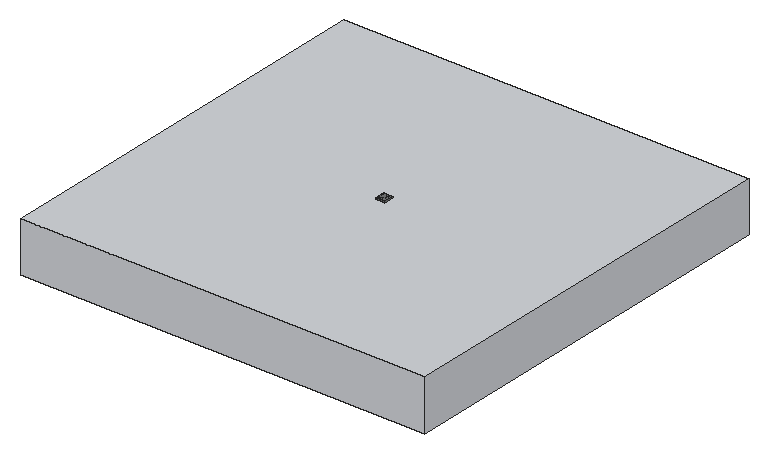
Revit family "Gira_220303", category Elektroinstallationen, Revit 2017
Family settings
  Basisbauteil = Fläche
  Beschriftungsausrichtung beibehalten = Nein
  Bemaßung runder Anschluss = Durchmesser verwenden
  Teiletyp = Normal
  Beim Laden mit Abzugskörper schneiden = Nein
  Gemeinsam genutzt = Nein
  Raumberechnungspunkt = Nein
Parameters
  Werkstoffgüte = "sonstige"
  Werkstoff = "sonstige"
  URL = "https://www.gira.de/"
  Typname = "Wippenset 3f beschr. System 55 Reinweiß(lack.)"
  Typ Kontakt = "Öffner"
  Transparent = no
  Thermische Rückkopplung = "ohne"
  Temperatur ablesbar = no
  Sensor extern = no
  Schutzart (IP) = "IP20"
  Regelcharakteristik = "sonstige"
  RAL-Nummer (ähnlich) = 9010
  RAL-Nummer = 9010
  Produktseite = "http://katalog.gira.de/de_DE/datenblatt.html?artikelnr=220303"
  Oberfläche = "sonstige"
  Montageart = "Unterputz"
  Mit Trinkwasserschaltung = no
  Mit Geräuschniveauanzeige = no
  Mit Empfänger = no
  Mit Display = no
  Messbereich unterer Wert [m/s] = 5
  Messbereich oberer Wert [m/s] = 30
  Kühlen = no
  Hersteller = "Gira"
  Heizen = yes
  HAN = "220303"
  GTIN = "4010337012443"
  Farbe = "weiß"
  Explosionsgeschützt = no
  Differenz verstellbar = no
  Datenblatt = "https://katalog.gira.de/de_DE/download.html?artikelnr=220303"
  Bussystem Powernet = no
  Bussystem LON = no
  Bussystem KNX-Funk = no
  Bussystem KNX = yes
  Bussystem Funkbus = no
  Beschreibung = "Wippenset 3fach beschreibbar System 55 Reinweiß glänzend (lackiert) Hinweise : - Beschreibbare Wippensets und Wippensets mit Beschriftungsfeld können mit einer individuellen Beschriftung versehen werden. Die Bestellung wird über den Großhandel abgewickelt, der beim Bestellvorgang der Wippen angegeben wurde. - Beschreibbare Wippensets und Wippensets ohne Beschriftungsfeld sind aus Metall. Dies kann bei Funkanwendungen zu Reichweiteneinbußen führen. - Dieses Produkt kann ausschließlich über den Gira Beschriftungsservice bestellt werden. - Professionelle Beschriftung über den Gira Beschriftungsservice www.beschriftung.gira.de."
  Bedienung = "Dreh"
  Bauelement = "Sys55_Abdeckung_Schalten und Tasten"
  Default Elevation = 1219.2 mm
  BIM = "https://media.stage.bim.site/public/gira/876eb45/Sys55_Abdeckung_Schalten%20und%20Tasten.rfa?public/gira/876eb45/Sys55_Abdeckung_Schalten und Tasten.rfa"
  Ausführung der Oberfläche = "nicht zutreffend"
  Ausführung Aufnehmer/Fühler = "sonstige"
  Ausführung = "An/Aus"
  Art der Spannungsversorgung = "230 V AC"
  Anthrazit [instance] = Anthrazit
  Anschluss = "Zweidraht"
  Andere Bussysteme = "ohne"
Reference planes
  plane 1 "Center (Front/Back)": y = 0
  plane 2: z = 0
  plane 3 "Center (Left/Right)": x = 0
Forms (mm)
  Extrusion 1, solid
    sketch origin (0, 0, 0) x (1, 0, 0) y (0, 1, 0)
      loop
        line (-1219.2, 1219.2) -> (-1219.2, -1219.2) -> (1219.2, -1219.2) -> (1219.2, 1219.2) -> (-1219.2, 1219.2)
    from 0 to -304.8
  Extrusion 2, solid, material "Anthrazit" <- "Anthrazit", detail levels fine
    sketch origin (0, 0, 0) x (1, 0, 0) y (0, 1, 0)
      loop
        line (-27.5, 27.5) -> (-27.5, -27.5) -> (27.5, -27.5) -> (27.5, 27.5) -> (-27.5, 27.5)
    from 0 to 8
  Extrusion 3, void
    sketch origin (0, 0, 0) x (1, 0, 0) y (0, 1, 0)
      loop
        line (26, 26) -> (-26, 26) -> (-26, -26) -> (26, -26) -> (26, 26)
    from 0 to 6
  Extrusion 4, solid, material "Anthrazit" <- "Anthrazit", detail levels medium
    sketch origin (0, 0, 0) x (1, 0, 0) y (0, 1, 0)
      loop
        line (-27.5, 27.5) -> (-27.5, -27.5) -> (27.5, -27.5) -> (27.5, 27.5) -> (-27.5, 27.5)
    from 0 to 8
  Extrusion 5, solid, material "Anthrazit" <- "Anthrazit", detail levels medium
    sketch origin (0, 0, 0) x (1, 0, 0) y (0, 1, 0)
      loop
        line (11, -17.5) -> (11, 17.5) -> (-11, 17.5) -> (-11, -17.5) -> (11, -17.5)
    from -6 to 6
  Extrusion 6, solid, material "Anthrazit" <- "Anthrazit", detail levels fine
    sketch origin (0, 0, 0) x (1, 0, 0) y (0, 1, 0)
      loop
        line (11, 17.5) -> (-11, 17.5) -> (-11, 16.5) -> (11, 16.5) -> (11, 17.5)
      loop
        line (-11, -16.5) -> (-11, -17.5) -> (11, -17.5) -> (11, -16.5) -> (-11, -16.5)
    from -4 to 6
  Extrusion 7, solid, material "Anthrazit" <- "Anthrazit", detail levels fine
    sketch origin (0, 0, 0) x (1, 0, 0) y (0, 1, 0)
      loop
        arc (5, 9.347) -> (0, 10.6) -> (-5, 9.347) r 10.6
        line (-5, 9.347) -> (-5, -9.347)
        arc (-5, -9.347) -> (0, -10.6) -> (5, -9.347) r 10.6
        line (5, -9.347) -> (5, 9.347)
    from -6 to 6
  Extrusion 8, solid, material "Anthrazit" <- "Anthrazit", detail levels coarse
    sketch origin (0, 0, 0) x (1, 0, 0) y (0, 1, 0)
      loop
        line (-27.5, 27.5) -> (-27.5, -27.5) -> (27.5, -27.5) -> (27.5, 27.5) -> (-27.5, 27.5)
    from -6 to 8
Cuts and joins
  Extrusion 3 cuts Extrusion 2
Dimensions and locks
  aligned and locked: plane 2 to Extrusion 1
  aligned and locked: level to Extrusion 1
